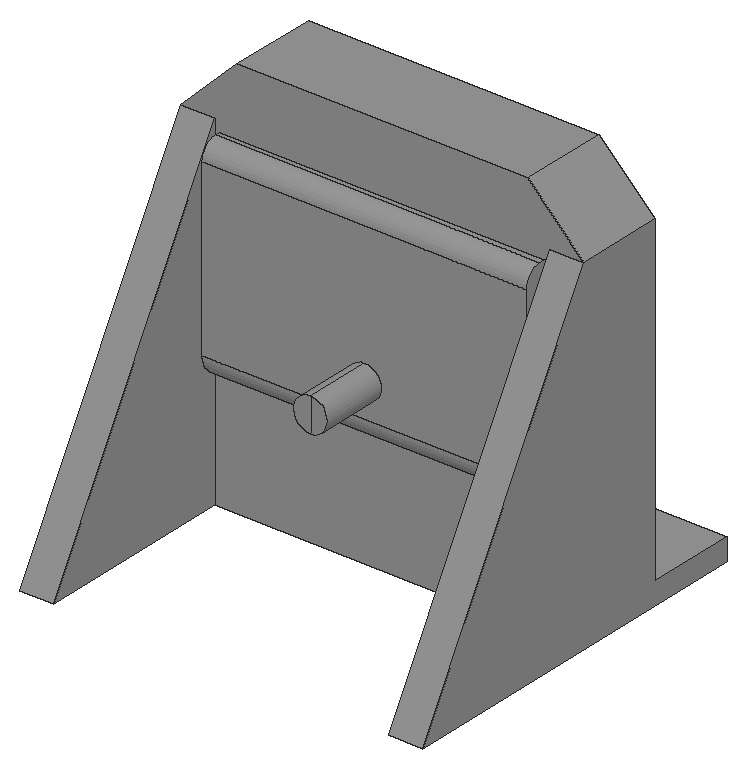
Revit family "Handicap_Lavatory-Willoughby-ES-1015-HC", category Plumbing Fixtures, Revit 2015
Parameters (values of type "Standard")
  Waste DIA = 1 1/2"
  Waste Connection = yes
  Vent Connection = no
  URL = "https://www.willoughby-ind.com/wp-content/uploads/2018/01/ES-1015-HC.pdf"
  Revision = "A"
  Model = "ES-1015-HC"
  Manufacturer = "Willoughby Industries"
  HW Connection = no
  Fixture Body = Stainless Steel AISI 304-Willoughby
  Description = "18\" Handicap Lavatory"
  Default Elevation = 0' - 0"
  Contact = "(800) 428 4065"
  CW Connection = no
Reference planes (in)
  plane 1 "Center (Front/Back)": y = 0
  plane 2: z = 0
  plane 3 "Center (Left/Right)": x = 0
  plane 4 "Sink HGT": y = 34
  plane 5 "Lower Sink HGT": y = 30
  plane 6 "Top Of Unit": y = 38
  plane 7: x = -9
  plane 8: x = 9
  plane 9: z = 18
  plane 10: z = 15.5
  plane 11: x = 6.5
  plane 12: x = -6.5
  plane 13 "Drain": z = 8
Forms (in)
  Extrusion 1, solid, material "Stainless Steel AISI 304-Willoughby" <- "Fixture Body"
    sketch origin (0, 34, 0) x (-1, 0, 0) y (0, 0, 1)
      loop
        line (9, 0) -> (9, 15.5) -> (6.5, 18) -> (-6.5, 18) -> (-9, 15.5) -> (-9, 0) -> (9, 0)
    from 0 to -4
  Extrusion 2, solid, material "Stainless Steel AISI 304-Willoughby" <- "Fixture Body"
    sketch origin (0, 0, 0) x (0, 1, 0) y (0, 0, 1)
      loop
        line (34, 0) -> (38, 0) -> (38, 1) -> (34, 1) -> (34, 0)
    from -9 to 9
  Extrusion 3, solid, material "Stainless Steel AISI 304-Willoughby" <- "Fixture Body"
    sketch origin (0, 0, 0) x (0, 1, 0) y (0, 0, 1)
      loop
        line (30, 15) -> (29.75, 15)
        arc (29.75, 15) -> (29.21967, 14.78033) -> (29, 14.25) r 0.75
        line (29, 14.25) -> (29, 6.5)
        arc (29, 6.5) -> (29.29289, 5.79289) -> (30, 5.5) r 1
        line (30, 5.5) -> (30, 15)
    from -7.25 to 7.25
  Extrusion 4, solid, material "Stainless Steel AISI 304-Willoughby" <- "Fixture Body"
    sketch origin (0, 0, 0) x (0, 1, 0) y (0, 0, 1)
      loop
        line (30, 0) -> (30, 15.5) -> (21, 0) -> (30, 0)
    from -9 to -7.5
  Extrusion 5, solid, material "Stainless Steel AISI 304-Willoughby" <- "Fixture Body"
    sketch origin (0, 0, 0) x (0, 1, 0) y (0, 0, 1)
      loop
        line (30, 15.5) -> (21, 0) -> (30, 0) -> (30, 15.5)
    from 9 to 7.5
  Extrusion 6, void
    sketch origin (0, 34, 0) x (-1, 0, 0) y (0, 0, 1)
      loop
        line (-6.125, 5.625) -> (6.125, 5.625)
        arc (6.125, 5.625) -> (6.83211, 5.91789) -> (7.125, 6.625) r 1
        line (7.125, 6.625) -> (7.125, 13.875)
        arc (7.125, 13.875) -> (6.83211, 14.58211) -> (6.125, 14.875) r 1
        line (6.125, 14.875) -> (-6.125, 14.875)
        arc (-6.125, 14.875) -> (-6.83211, 14.58211) -> (-7.125, 13.875) r 1
        line (-7.125, 13.875) -> (-7.125, 6.625)
        arc (-7.125, 6.625) -> (-6.83211, 5.91789) -> (-6.125, 5.625) r 1
    from 0 to -4.875
  Revolve 7, solid, material "Stainless Steel AISI 304-Willoughby" <- "Fixture Body"
    sketch origin (0, 0, 0) x (0, 1, 0) y (0, 0, 1)
      loop
        line (29, 8) -> (29, 8.75) -> (26, 8.75) -> (26, 8) -> (29, 8)
      axis (29, 8) -> (26, 8)
    angle from 0 to 360
Cuts and joins
  Extrusion 6 cuts Extrusion 1
  joined: Extrusion 1, Extrusion 2, Extrusion 4, Extrusion 5
Lines and regions (in)
  symbolic lines
    curve 1: line (-9, 21, 0) -> (-9, 38, 0)
    curve 2: line (-9, 38, 0) -> (9, 38, 0)
    curve 3: line (9, 38, 0) -> (9, 21, 0)
    curve 4: line (9, 21, 0) -> (7.5, 21, 0)
    curve 5: line (7.5, 21, 0) -> (7.5, 29, 0)
    curve 6: line (7.5, 29, 0) -> (-7.5, 29, 0)
    curve 7: line (-7.5, 29, 0) -> (-7.5, 21, 0)
    curve 8: line (-7.5, 21, 0) -> (-9, 21, 0)
    curve 13: line (-9, 34, 0) -> (9, 34, 0)
    curve 16: line (-9, 34, 0) -> (9, 34, 0)
    curve 17: line (9, 34, 0) -> (9, 34, 15.5)
    curve 18: line (9, 34, 15.5) -> (6.5, 34, 18)
    curve 19: line (6.5, 34, 18) -> (-6.5, 34, 18)
    curve 20: line (-6.5, 34, 18) -> (-9, 34, 15.5)
    curve 21: line (-9, 34, 15.5) -> (-9, 34, 0)
    curve 31: line (0, 21, 0) -> (0, 38, 0)
    curve 32: line (0, 38, 0) -> (0, 38, 1)
    curve 33: line (0, 38, 1) -> (0, 34, 1)
    curve 34: line (0, 34, 1) -> (0, 34, 18)
    curve 35: line (0, 34, 18) -> (0, 30, 18)
    curve 36: line (0, 30, 18) -> (0, 30, 15.5)
    curve 37: line (0, 30, 15.5) -> (0, 21, 0)
  symbolic lines, detail levels fine
    curve 9: line (0.75, 29, 0) -> (0.75, 26, 0)
    curve 10: line (0.75, 26, 0) -> (-0.75, 26, 0)
    curve 11: line (-0.75, 26, 0) -> (-0.75, 29, 0)
    curve 23: line (6.125, 34, 14.875) -> (-6.125, 34, 14.875)
    curve 24: line (-7.125, 34, 13.875) -> (-7.125, 34, 6.625)
    curve 25: line (-6.125, 34, 5.625) -> (6.125, 34, 5.625)
    curve 26: line (7.125, 34, 6.625) -> (7.125, 34, 13.875)
    curve 27: arc (7.125, 34, 13.875) -> (6.83211, 34, 14.58211) -> (6.125, 34, 14.875) r 1
    curve 28: arc (-6.125, 34, 14.875) -> (-6.83211, 34, 14.58211) -> (-7.125, 34, 13.875) r 1
    curve 29: arc (-7.125, 34, 6.625) -> (-6.83211, 34, 5.91789) -> (-6.125, 34, 5.625) r 1
    curve 30: arc (6.125, 34, 5.625) -> (6.83211, 34, 5.91789) -> (7.125, 34, 6.625) r 1
    curve 39: line (0, 29, 13.77778) -> (0, 29, 14.25)
    curve 40: arc (0, 29, 14.25) -> (0, 29.20538, 14.76564) -> (0, 29.70903, 14.99888) r 0.75
  symbolic lines, detail levels medium+fine
    curve 12: line (9, 30, 0) -> (-9, 30, 0)
    curve 14: line (7.125, 34, 0) -> (7.125, 30, 0)
    curve 15: line (-7.125, 34, 0) -> (-7.125, 30, 0)
    curve 22: line (9, 34, 1) -> (-9, 34, 1)
    curve 38: line (0, 34, 15.5) -> (0, 30, 15.5)
Dimensions and locks (in)
  plane 7 to plane 8 = 1' - 6"
  plane 1 "Center (Front/Back)" to plane 4 "Sink HGT" = 2' - 10"
  plane 6 "Top Of Unit" to plane 4 "Sink HGT" = 0' - 4"
  plane 4 "Sink HGT" to plane 5 "Lower Sink HGT" = 0' - 4"
  plane 6 "Top Of Unit" to cut or joined group of Extrusion 1, Extrusion 2, Extrusion 4, Extrusion 5, Extrusion 6 = 1' - 5"
  plane 7 to plane 3 "Center (Left/Right)" = 0' - 9"
  aligned and locked: plane 7 to Extrusion 1
  aligned and locked: plane 9 to Extrusion 1
  aligned and locked: Extrusion 1 to level
  aligned and locked: Extrusion 2 to plane 4 "Sink HGT"
  aligned and locked: plane 6 "Top Of Unit" to Extrusion 2
  aligned and locked: Extrusion 2 to level
  aligned and locked: plane 5 "Lower Sink HGT" to Extrusion 3
  aligned and locked: plane 5 "Lower Sink HGT" to Extrusion 4
  aligned and locked: Extrusion 4 to level
  aligned and locked: plane 5 "Lower Sink HGT" to Extrusion 5
  aligned and locked: Extrusion 5 to level
  aligned and locked: Revolve 7 sketch curve to Revolve 7 sketch curve  (x2)
Connectors (in)
  piping at (0, 26, 8), diameter 1.5, driven by "Waste Connection", driven by "Waste DIA"
    settings: on Revolve 7, index 1, connector inside diameter 24", connector length 0' - 0", flow factor 0, pipe flow 0 GPM, pressure drop 0.00 psi, fitting loss kfactor 0, connector angle 0.00°, fixture units 0, engagement length 0' - 0", angle of deflection 0.00°, flow configuration 0, flow direction 2, fitting loss method 0, system type 16, joint type 0, gender type 0, connector reference index -1, connector utility 1, adjustable connector no, is connector primary yes, connector description "Sink Waste"
